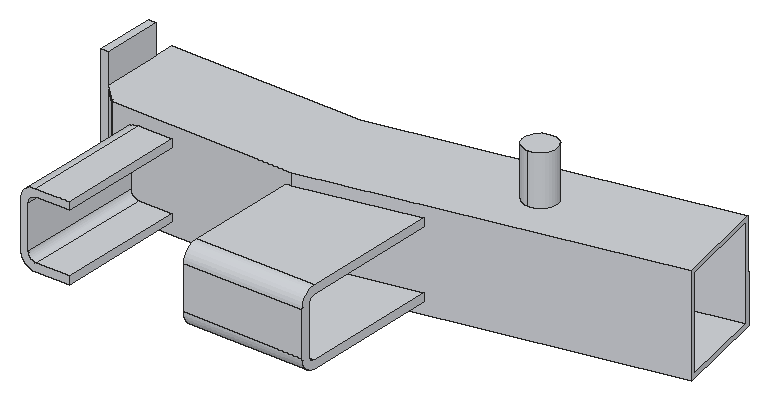
Revit family "EV_NEVI POST BRACKET_1920854", category Generic Models, Revit 2018
Family settings
  Can host rebar = No
  Round Connector Dimension = Use Diameter
  Part Type = Normal
  OmniClass Number = 35.51.14.00
  OmniClass Title = FORMWORK
  Work Plane-Based = Yes
  Always vertical = No
  Cut with Voids When Loaded = No
  Shared = Yes
  Room Calculation Point = No
Parameters
  Y POSITION [instance] = if([VERTICAL RIB - RIGHT SIDE], 0.000 mm, 38.000 mm)  # 38.000 mm
  X POSITION = -123.000 mm
  VERTICAL RIB - RIGHT SIDE [instance] = no
  VERSION = "20170217"  # constant formula
  URL = "www.ulmaconstruction.com/en"
  UNICLASS = ""
  Manufacturer = "ULMA CONSTRUCTION"  # constant formula
  ITEM_CODE = "1920854"
  FILTER [instance] = ""
  Default Elevation = 0.000 mm
  CLASSIFICATION_TITLE = ""
  CLASSIFICATION_NUMBER = ""
  ANGLE [instance] = if([VERTICAL RIB - RIGHT SIDE], 90.00°, 270.00°)  # 270.00°
Reference planes
  plane 1 "Centro (Frontal/Posterior)": y = 0
  plane 2: z = 0
  plane 3 "Centro (Izquierda/Derecha)": x = 0
  plane 4: z = 0
Lines and regions (mm)
  reference lines
    curve 1: line (0, 0, 0) -> (0, 0, -600)
    curve 2: line (0, 0, 0) -> (460, 0, 0)
Dimensions and locks
  "Y POSITION": nested 1 to curve 2
  "ANGLE": angle plane 2 to curve 1
  locked: curve 1 to curve 2 (angle 90.00°)
  aligned and locked: level to plane 2
  aligned and locked: plane 3 "Centro (Izquierda/Derecha)" to curve 1
  aligned and locked: plane 2 to curve 1
Nested families
  nested 1: "CABEZAL BARANDILLA NEVI - 1920854_WORKING PLATFORMS" at (-123, 0, 19) x (0, 0, -1) z (1, 0, 0), built-in parameter 1001364 <- "X POSITION", type "CABEZAL BARANDILLA NEVI - 1920854_WORKING PLATFORMS"
    with FILTER ""
Definition of nested family "CABEZAL BARANDILLA NEVI - 1920854_WORKING PLATFORMS"
  Parameters (values of type "CABEZAL BARANDILLA NEVI - 1920854_WORKING PLATFORMS")
    VERSION = "20170217"  # constant formula
    URL = "www.ulmaconstruction.com/en"
    UNICLASS = ""
    Manufacturer = "ULMA CONSTRUCTION"  # constant formula
    ITEM_CODE = "1920854"
    FILTER [instance] = ""
    Default Elevation = 0.000 mm
    CLASSIFICATION_TITLE = ""
    CLASSIFICATION_NUMBER = ""
  Reference planes
    plane 1 "Centro (Frontal/Posterior)": y = 0
    plane 2: z = 0
    plane 3 "Centro (Izquierda/Derecha)": x = 0
  Forms (mm)
    Extrusion 1, solid
      sketch origin (0, 0, 0) x (1, 0, 0) y (0, 1, 0)
        loop
          line (-19, 54.753) -> (-19, -15)
          arc (-19, -15) -> (-16.657, -20.657) -> (-11, -23) r 8
          line (-11, -23) -> (11, -23)
          arc (11, -23) -> (16.657, -20.657) -> (19, -15) r 8
          line (19, -15) -> (19, 54.753) -> (15, 54.753) -> (15, -15)
          arc (15, -15) -> (13.828, -17.828) -> (11, -19) r 4
          line (11, -19) -> (-11, -19)
          arc (-11, -19) -> (-13.828, -17.828) -> (-15, -15) r 4
          line (-15, -15) -> (-15, 54.753) -> (-19, 54.753)
      from 83 to 143
    Extrusion 2, solid
      sketch origin (0, 0, 0) x (1, 0, 0) y (0, 0, 1)
        loop
          line (-15, 25) -> (-19, 25) -> (-19, 8)
          arc (-19, 8) -> (-16.657, 2.343) -> (-11, 0) r 8
          line (-11, 0) -> (11, 0)
          arc (11, 0) -> (16.657, 2.343) -> (19, 8) r 8
          line (19, 8) -> (19, 25) -> (15, 25) -> (15, 8)
          arc (15, 8) -> (13.828, 5.172) -> (11, 4) r 4
          line (11, 4) -> (-11, 4)
          arc (-11, 4) -> (-13.828, 5.172) -> (-15, 8) r 4
          line (-15, 8) -> (-15, 25)
      from -42 to 23
    Extrusion 3, solid
      sketch origin (0, 0, 0) x (1, 0, 0) y (0, 1, 0)
        loop
          line (-40, 52) -> (40, 52) -> (40, 82) -> (-40, 82) -> (-40, 52)
      from -19 to -15
    Sweep 4, solid
      path in 3D
        loop
          line (0, 67, -15) -> (0, 67, 83) -> (0, 103.343, 253.982)
      profile origin (0, 67, 34) x (0, -1, 0) y (1, 0, 0)
        loop
          line (25, 25) -> (-25, 25) -> (-25, -25) -> (25, -25) -> (25, 25)
        loop
          line (23, 23) -> (-23, 23) -> (-23, -23) -> (23, -23) -> (23, 23)
    Extrusion 5, void
      sketch origin (0, 0, 0) x (0, 1, 0) y (0, 0, 1)
        loop
          line (52, -15) -> (42, -5) -> (42, -15) -> (52, -15)
      from -25 to 25
    Extrusion 6, solid, detail levels fine
      sketch origin (0, 0, 0) x (0, 1, 0) y (0, 0, 1)
        loop
          circle (87.245, 175.617) r 12.5
      from 25 to 30
    Extrusion 7, solid, detail levels fine
      sketch origin (0, 0, 0) x (0, 1, 0) y (0, 0, 1)
        loop
          circle (87.245, 175.617) r 8
      from -50 to 23
  Cuts and joins
    Extrusion 5 cuts Extrusion 1
    Extrusion 5 cuts Extrusion 2
    Extrusion 5 cuts Extrusion 3
    Extrusion 5 cuts Sweep 4
    joined: Extrusion 1, Extrusion 2, Extrusion 3, Sweep 4
  Lines and regions (mm)
    sketch lines
      curve 1: line (0, 67, -15) -> (0, 67, 83)
      curve 2: line (0, 67, 83) -> (0, 103.343, 253.982)
    model lines, detail levels fine
      curve 3: circle (19, 0, 123) r 9.25 normal (1, 0, 0)
      curve 4: circle (-19, 0, 123) r 9.25 normal (1, 0, 0)
      curve 5: circle (0, 0, 4) r 9.25 normal (0, 0, 1)
  Dimensions and locks
    aligned and locked: level to plane 2
